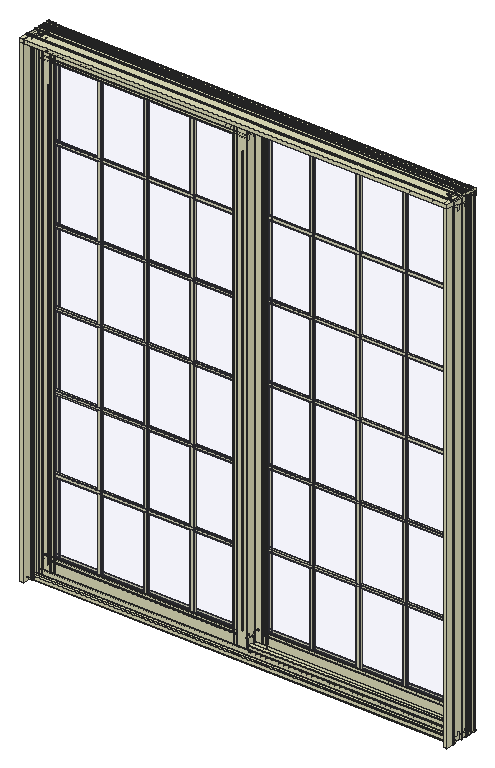
Revit family (continued)
Automatic sketch dimensions
  Sweep 25 sketch curve to Sweep 25 sketch curve = 0' - 0.0188"
  plane 52 "Glazing Exterior - Exterior2" to Sweep 25 sketch curve = 0' - 0.00845"
  Sweep 25 sketch curve to Sweep 25 sketch curve = 0' - 0.0504"
  plane 52 "Glazing Exterior - Exterior2" to Sweep 25 sketch curve = 0' - 0.01374"
  Sweep 25 sketch curve to Sweep 25 sketch curve = 0' - 0.0291"
  Sweep 25 sketch curve to Sweep 25 sketch curve = 0' - 0"
  plane 52 "Glazing Exterior - Exterior2" to Sweep 25 sketch curve = 0' - 0.00542"
  Sweep 25 sketch curve to Sweep 25 sketch curve = 0' - 0.02838"
  Sweep 25 sketch curve to plane 52 "Glazing Exterior - Exterior2" = 0' - 0.05512"
  Sweep 25 sketch curve to Sweep 25 sketch curve = 0' - 0.11194"
  Sweep 25 sketch curve to Sweep 25 sketch curve = 0' - 0.00625"
  Sweep 25 sketch curve to plane 52 "Glazing Exterior - Exterior2" = 0' - 0.06005"
  Sweep 25 sketch curve to Sweep 25 sketch curve = 0' - 0.01066"
  Sweep 25 sketch curve to Sweep 25 sketch curve = 0' - 0.02285"
  Sweep 26 sketch curve to plane 39 = 0' - 0"
  Sweep 26 sketch curve to plane 40 = 0' - 0"
  plane 19 "Glazing Exterior - Exterior" to Sweep 26 sketch curve = 0' - 0.62506"  (x2)
  plane 19 "Glazing Exterior - Exterior" to Sweep 26 sketch curve = 0' - 0.59267"  (x6)
  Sweep 26 sketch curve to plane 149 = 0' - 0.15945"  (x2)
  Sweep 26 sketch curve to Sweep 26 sketch curve = 0' - 0.0187"  (x12)
  plane 148 to Sweep 26 sketch curve = 0' - 0.17815"  (x2)
  Sweep 26 sketch curve to plane 147 = 0' - 0.15945"  (x2)
  plane 146 to Sweep 26 sketch curve = 0' - 0.17815"  (x2)
  Sweep 26 sketch curve to plane 144 = 0' - 0.15945"  (x2)
  plane 145 to Sweep 26 sketch curve = 0' - 0.17815"  (x2)
  plane 19 "Glazing Exterior - Exterior" to Sweep 26 sketch curve = 0' - 0.57585"  (x6)
  Sweep 26 sketch curve to Sweep 26 sketch curve = 0' - 0.1378"  (x6)
  Sweep 26 sketch curve to Sweep 26 sketch curve = 0' - 0.01682"  (x6)
  Sweep 26 sketch curve to Sweep 26 sketch curve = 0' - 0.03239"  (x4)
  Sweep 27 sketch curve to plane 40 = 0' - 0"
  Sweep 27 sketch curve to plane 39 = 0' - 0"
  Sweep 27 sketch curve to plane 52 "Glazing Exterior - Exterior2" = 0' - 0.62506"  (x2)
  Sweep 27 sketch curve to plane 52 "Glazing Exterior - Exterior2" = 0' - 0.59267"  (x6)
  plane 151 to Sweep 27 sketch curve = 0' - 0.15945"  (x2)
  Sweep 27 sketch curve to Sweep 27 sketch curve = 0' - 0.0187"  (x12)
  Sweep 27 sketch curve to plane 150 = 0' - 0.17815"  (x2)
  Sweep 27 sketch curve to plane 155 = 0' - 0.15945"  (x2)
  plane 154 to Sweep 27 sketch curve = 0' - 0.17815"  (x2)
  plane 152 to Sweep 27 sketch curve = 0' - 0.15945"  (x2)
  Sweep 27 sketch curve to plane 153 = 0' - 0.17815"  (x2)
  Sweep 27 sketch curve to plane 52 "Glazing Exterior - Exterior2" = 0' - 0.57585"  (x6)
  Sweep 27 sketch curve to Sweep 27 sketch curve = 0' - 0.1378"  (x6)
  Sweep 27 sketch curve to Sweep 27 sketch curve = 0' - 0.01682"  (x6)
  Sweep 27 sketch curve to Sweep 27 sketch curve = 0' - 0.03239"  (x4)
  Sweep 28 sketch curve to plane 39 = 0' - 0"
  Sweep 28 sketch curve to plane 40 = 0' - 0"
  plane 19 "Glazing Exterior - Exterior" to Sweep 28 sketch curve = 0' - 0.59267"  (x4)
  Sweep 28 sketch curve to plane 69 = 0' - 0.15945"  (x2)
  Sweep 28 sketch curve to Sweep 28 sketch curve = 0' - 0.0187"  (x8)
  plane 70 to Sweep 28 sketch curve = 0' - 0.17815"  (x2)
  Sweep 28 sketch curve to plane 71 = 0' - 0.15945"  (x2)
  plane 72 to Sweep 28 sketch curve = 0' - 0.17815"  (x2)
  plane 19 "Glazing Exterior - Exterior" to Sweep 28 sketch curve = 0' - 0.57585"  (x4)
  Sweep 28 sketch curve to Sweep 28 sketch curve = 0' - 0.1378"  (x4)
  Sweep 28 sketch curve to Sweep 28 sketch curve = 0' - 0.01682"  (x4)
  Sweep 28 sketch curve to Sweep 28 sketch curve = 0' - 0.03239"  (x4)
  Sweep 29 sketch curve to plane 40 = 0' - 0"
  Sweep 29 sketch curve to plane 39 = 0' - 0"
  Sweep 29 sketch curve to plane 73 = 0' - 0.15945"  (x2)
  Sweep 29 sketch curve to Sweep 29 sketch curve = 0' - 0.03239"  (x6)
  plane 74 to Sweep 29 sketch curve = 0' - 0.15945"  (x2)
  plane 76 to Sweep 29 sketch curve = 0' - 0.15945"  (x2)
  Sweep 29 sketch curve to plane 75 = 0' - 0.15945"  (x2)
  Sweep 29 sketch curve to Sweep 29 sketch curve = 0' - 0.01682"  (x8)
  Sweep 29 sketch curve to Sweep 29 sketch curve = 0' - 0.1378"  (x4)
  Sweep 29 sketch curve to Sweep 29 sketch curve = 0' - 0.0187"  (x8)
  Sweep 30 sketch curve to plane 44 = 0' - 0"
  Sweep 30 sketch curve to plane 78 = 0' - 0"
  Sweep 30 sketch curve to plane 42 = 0' - 0"
  plane 19 "Glazing Exterior - Exterior" to Sweep 30 sketch curve = 0' - 0.62506"  (x2)
  plane 19 "Glazing Exterior - Exterior" to Sweep 30 sketch curve = 0' - 0.59267"  (x10)
  plane 85 to Sweep 30 sketch curve = 0' - 0.15945"  (x2)
  Sweep 30 sketch curve to Sweep 30 sketch curve = 0' - 0.0187"  (x20)
  Sweep 30 sketch curve to plane 84 = 0' - 0.17815"  (x2)
  plane 166 to Sweep 30 sketch curve = 0' - 0.15945"  (x2)
  Sweep 30 sketch curve to plane 167 = 0' - 0.17815"  (x2)
  plane 83 to Sweep 30 sketch curve = 0' - 0.15945"  (x2)
  Sweep 30 sketch curve to plane 82 = 0' - 0.17815"  (x2)
  plane 164 to Sweep 30 sketch curve = 0' - 0.15945"  (x2)
  Sweep 30 sketch curve to plane 165 = 0' - 0.17815"  (x2)
  plane 80 to Sweep 30 sketch curve = 0' - 0.15945"  (x2)
  Sweep 30 sketch curve to plane 81 = 0' - 0.17815"  (x2)
  plane 19 "Glazing Exterior - Exterior" to Sweep 30 sketch curve = 0' - 0.57585"  (x10)
  Sweep 30 sketch curve to Sweep 30 sketch curve = 0' - 0.1378"  (x10)
  Sweep 30 sketch curve to Sweep 30 sketch curve = 0' - 0.01682"  (x10)
  Sweep 30 sketch curve to Sweep 30 sketch curve = 0' - 0.03239"  (x8)
  Sweep 31 sketch curve to plane 43 = 0' - 0"
  Sweep 31 sketch curve to plane 41 = 0' - 0"
  Sweep 31 sketch curve to plane 78 = 0' - 0"
  Sweep 32 sketch curve to plane 44 = 0' - 0"
  Sweep 32 sketch curve to plane 78 = 0' - 0"
  Sweep 32 sketch curve to plane 42 = 0' - 0"
  plane 19 "Glazing Exterior - Exterior" to Sweep 32 sketch curve = 0' - 0.62506"  (x2)
  plane 102 to Sweep 32 sketch curve = 0' - 0.15945"  (x2)
  plane 19 "Glazing Exterior - Exterior" to Sweep 32 sketch curve = 0' - 0.59267"  (x12)
  Sweep 32 sketch curve to Sweep 32 sketch curve = 0' - 0.0187"  (x24)
  Sweep 32 sketch curve to plane 103 = 0' - 0.17815"  (x2)
  plane 158 to Sweep 32 sketch curve = 0' - 0.15945"  (x2)
  Sweep 32 sketch curve to plane 159 = 0' - 0.17815"  (x2)
  plane 100 to Sweep 32 sketch curve = 0' - 0.15945"  (x2)
  Sweep 32 sketch curve to plane 101 = 0' - 0.17815"  (x2)
  plane 98 to Sweep 32 sketch curve = 0' - 0.15945"  (x2)
  Sweep 32 sketch curve to plane 99 = 0' - 0.17815"  (x2)
  plane 156 to Sweep 32 sketch curve = 0' - 0.15945"  (x2)
  Sweep 32 sketch curve to plane 157 = 0' - 0.17815"  (x2)
  plane 96 to Sweep 32 sketch curve = 0' - 0.15945"  (x2)
  Sweep 32 sketch curve to plane 97 = 0' - 0.17815"  (x2)
  plane 19 "Glazing Exterior - Exterior" to Sweep 32 sketch curve = 0' - 0.57585"  (x12)
  Sweep 32 sketch curve to Sweep 32 sketch curve = 0' - 0.1378"  (x12)
  Sweep 32 sketch curve to Sweep 32 sketch curve = 0' - 0.01682"  (x12)
  Sweep 32 sketch curve to Sweep 32 sketch curve = 0' - 0.03239"  (x10)
  Sweep 33 sketch curve to plane 43 = 0' - 0"
  Sweep 33 sketch curve to plane 41 = 0' - 0"
  Sweep 33 sketch curve to plane 78 = 0' - 0"
  Sweep 33 sketch curve to plane 52 "Glazing Exterior - Exterior2" = 0' - 0.62506"  (x2)
  Sweep 33 sketch curve to plane 52 "Glazing Exterior - Exterior2" = 0' - 0.59267"  (x12)
  Sweep 33 sketch curve to plane 105 = 0' - 0.15945"  (x2)
  Sweep 33 sketch curve to Sweep 33 sketch curve = 0' - 0.0187"  (x24)
  plane 104 to Sweep 33 sketch curve = 0' - 0.17815"  (x2)
  Sweep 33 sketch curve to plane 161 = 0' - 0.15945"  (x2)
  plane 160 to Sweep 33 sketch curve = 0' - 0.17815"  (x2)
  Sweep 33 sketch curve to plane 107 = 0' - 0.15945"  (x2)
  plane 106 to Sweep 33 sketch curve = 0' - 0.17815"  (x2)
  Sweep 33 sketch curve to plane 109 = 0' - 0.15945"  (x2)
  plane 108 to Sweep 33 sketch curve = 0' - 0.17815"  (x2)
  Sweep 33 sketch curve to plane 163 = 0' - 0.15945"  (x2)
  plane 162 to Sweep 33 sketch curve = 0' - 0.17815"  (x2)
  Sweep 33 sketch curve to plane 111 = 0' - 0.15945"  (x2)
  plane 110 to Sweep 33 sketch curve = 0' - 0.17815"  (x2)
  Sweep 33 sketch curve to plane 52 "Glazing Exterior - Exterior2" = 0' - 0.57585"  (x12)
  Sweep 33 sketch curve to Sweep 33 sketch curve = 0' - 0.1378"  (x12)
  Sweep 33 sketch curve to Sweep 33 sketch curve = 0' - 0.01682"  (x12)
  Sweep 33 sketch curve to Sweep 33 sketch curve = 0' - 0.03239"  (x10)
  Sweep 34 sketch curve to plane 39 = 0' - 0"
  Sweep 34 sketch curve to plane 40 = 0' - 0"
  plane 19 "Glazing Exterior - Exterior" to Sweep 34 sketch curve = 0' - 0.62506"  (x2)
  plane 113 to Sweep 34 sketch curve = 0' - 0.15945"  (x2)
  plane 19 "Glazing Exterior - Exterior" to Sweep 34 sketch curve = 0' - 0.59267"  (x4)
  Sweep 34 sketch curve to Sweep 34 sketch curve = 0' - 0.0187"  (x8)
  Sweep 34 sketch curve to plane 114 = 0' - 0.17815"  (x2)
  Sweep 34 sketch curve to plane 139 = 0' - 0.15945"  (x2)
  plane 138 to Sweep 34 sketch curve = 0' - 0.17815"  (x2)
  plane 19 "Glazing Exterior - Exterior" to Sweep 34 sketch curve = 0' - 0.57585"  (x4)
  Sweep 34 sketch curve to Sweep 34 sketch curve = 0' - 0.1378"  (x4)
  Sweep 34 sketch curve to Sweep 34 sketch curve = 0' - 0.01682"  (x4)
  Sweep 34 sketch curve to Sweep 34 sketch curve = 0' - 0.03239"  (x2)
  Sweep 35 sketch curve to plane 40 = 0' - 0"
  Sweep 35 sketch curve to plane 39 = 0' - 0"
  Sweep 35 sketch curve to plane 52 "Glazing Exterior - Exterior2" = 0' - 0.62506"  (x2)
  Sweep 35 sketch curve to plane 52 "Glazing Exterior - Exterior2" = 0' - 0.59267"  (x4)
  Sweep 35 sketch curve to plane 52 "Glazing Exterior - Exterior2" = 0' - 0.57585"  (x4)
  Sweep 35 sketch curve to Sweep 35 sketch curve = 0' - 0.1378"  (x4)
  Sweep 35 sketch curve to Sweep 35 sketch curve = 0' - 0.01682"  (x4)
  Sweep 35 sketch curve to Sweep 35 sketch curve = 0' - 0.03239"  (x2)
  plane 135 to Sweep 35 sketch curve = 0' - 0.15945"  (x2)
  Sweep 35 sketch curve to Sweep 35 sketch curve = 0' - 0.0187"  (x8)
  Sweep 35 sketch curve to plane 136 = 0' - 0.17815"  (x2)
  Sweep 35 sketch curve to plane 117 = 0' - 0.15945"  (x2)
  plane 116 to Sweep 35 sketch curve = 0' - 0.17815"  (x2)
  Sweep 36 sketch curve to plane 44 = 0' - 0"
  Sweep 36 sketch curve to plane 78 = 0' - 0"
  Sweep 36 sketch curve to plane 42 = 0' - 0"
  plane 19 "Glazing Exterior - Exterior" to Sweep 36 sketch curve = 0' - 0.62506"  (x2)
  Sweep 36 sketch curve to plane 122 = 0' - 0.15945"  (x2)
  plane 19 "Glazing Exterior - Exterior" to Sweep 36 sketch curve = 0' - 0.59267"  (x4)
  Sweep 36 sketch curve to Sweep 36 sketch curve = 0' - 0.0187"  (x8)
  plane 121 to Sweep 36 sketch curve = 0' - 0.17815"  (x2)
  plane 118 to Sweep 36 sketch curve = 0' - 0.15945"  (x2)
  Sweep 36 sketch curve to plane 119 = 0' - 0.17815"  (x2)
  plane 19 "Glazing Exterior - Exterior" to Sweep 36 sketch curve = 0' - 0.57585"  (x4)
  Sweep 36 sketch curve to Sweep 36 sketch curve = 0' - 0.1378"  (x4)
  Sweep 36 sketch curve to Sweep 36 sketch curve = 0' - 0.01682"  (x4)
  Sweep 36 sketch curve to Sweep 36 sketch curve = 0' - 0.03239"  (x2)
  Sweep 37 sketch curve to plane 43 = 0' - 0"
  Sweep 37 sketch curve to plane 41 = 0' - 0"
  Sweep 37 sketch curve to plane 78 = 0' - 0"
  Sweep 37 sketch curve to plane 52 "Glazing Exterior - Exterior2" = 0' - 0.62506"  (x2)
  Sweep 37 sketch curve to plane 52 "Glazing Exterior - Exterior2" = 0' - 0.59267"  (x4)
  Sweep 37 sketch curve to plane 125 = 0' - 0.15945"  (x2)
  Sweep 37 sketch curve to Sweep 37 sketch curve = 0' - 0.0187"  (x8)
  plane 124 to Sweep 37 sketch curve = 0' - 0.17815"  (x2)
  plane 127 to Sweep 37 sketch curve = 0' - 0.15945"  (x2)
  Sweep 37 sketch curve to plane 128 = 0' - 0.17815"  (x2)
  Sweep 37 sketch curve to plane 52 "Glazing Exterior - Exterior2" = 0' - 0.57585"  (x4)
  Sweep 37 sketch curve to Sweep 37 sketch curve = 0' - 0.1378"  (x4)
  Sweep 37 sketch curve to Sweep 37 sketch curve = 0' - 0.01682"  (x4)
  Sweep 37 sketch curve to Sweep 37 sketch curve = 0' - 0.03239"  (x2)
  Sweep 38 sketch curve to plane 12 "Right Sash" = 0' - 0"
  Sweep 38 sketch curve to Sweep 38 sketch curve = 0' - 0"  (x11)
  profile plane to Sweep 38 sketch curve = 0' - 0.064"
  profile plane to Sweep 38 sketch curve = 0' - 0.00892"
  Sweep 38 sketch curve to profile plane = 0' - 0.03211"
  Sweep 38 sketch curve to profile plane = 0' - 0.03608"  (x2)
  Sweep 38 sketch curve to Sweep 38 sketch curve = 0' - 0.00004"
  plane 10 "Set Back" to Sweep 38 sketch curve = 0' - 0.5791"
  Sweep 38 sketch curve to Sweep 38 sketch curve = 0' - 1.44287"
  Sweep 38 sketch curve to Sweep 38 sketch curve = 0' - 0.045"  (x2)
  Sweep 38 sketch curve to Sweep 38 sketch curve = 0' - 0.02759"
  Sweep 38 sketch curve to Sweep 38 sketch curve = 0' - 0.0615"
  Sweep 38 sketch curve to Sweep 38 sketch curve = 0' - 0.00676"
  Sweep 38 sketch curve to Sweep 38 sketch curve = 0' - 0.01"  (x2)
  Sweep 38 sketch curve to Sweep 38 sketch curve = 0' - 0.00592"
  Sweep 38 sketch curve to Sweep 38 sketch curve = 0' - 0.13915"  (x2)
  plane 10 "Set Back" to Sweep 38 sketch curve = 0' - 0.72859"
  Sweep 38 sketch curve to Sweep 38 sketch curve = 0' - 0 1/256"
  Sweep 38 sketch curve to Sweep 38 sketch curve = 0' - 0.13703"
  Sweep 38 sketch curve to Sweep 38 sketch curve = 0' - 0.00838"
  Sweep 38 sketch curve to Sweep 38 sketch curve = 0' - 0.01167"
  Sweep 38 sketch curve to Sweep 38 sketch curve = 0' - 0.03562"
  Sweep 38 sketch curve to Sweep 38 sketch curve = 0' - 0.04108"
  Sweep 38 sketch curve to Sweep 38 sketch curve = 0' - 0.04718"
  Sweep 38 sketch curve to Sweep 38 sketch curve = 0' - 0.03372"
  Sweep 38 sketch curve to Sweep 38 sketch curve = 0' - 0.07"
  Sweep 38 sketch curve to Sweep 38 sketch curve = 0' - 0.10138"
  Sweep 38 sketch curve to Sweep 38 sketch curve = 0' - 0.05214"
  Sweep 38 sketch curve to Sweep 38 sketch curve = 0' - 0.39697"
  Sweep 38 sketch curve to Sweep 38 sketch curve = 0' - 0.01189"
  Sweep 38 sketch curve to Sweep 38 sketch curve = 0' - 0.02"
  Sweep 38 sketch curve to Sweep 38 sketch curve = 0' - 0.01099"
  Sweep 38 sketch curve to Sweep 38 sketch curve = 0' - 0.03346"
  Sweep 38 sketch curve to Sweep 38 sketch curve = 0' - 0.01654"
  Sweep 38 sketch curve to Sweep 38 sketch curve = 0' - 0.20433"
  Sweep 38 sketch curve to Sweep 38 sketch curve = 0' - 0.00006"
  Sweep 38 sketch curve to Sweep 38 sketch curve = 0' - 0.00499"
  Sweep 38 sketch curve to Sweep 38 sketch curve = 0' - 0.03237"
  Sweep 38 sketch curve to Sweep 38 sketch curve = 0' - 0.00572"
  Sweep 38 sketch curve to Sweep 38 sketch curve = 0' - 0.05108"
  Sweep 38 sketch curve to Sweep 38 sketch curve = 0' - 0.79144"
  Sweep 38 sketch curve to Sweep 38 sketch curve = 0' - 0.011"
  Sweep 39 sketch curve to plane 11 "Left Sash" = 0' - 0"
  Sweep 39 sketch curve to plane 56 = 0' - 0"
  Sweep 39 sketch curve to Sweep 39 sketch curve = 0' - 0"  (x11)
  profile plane to Sweep 39 sketch curve = 0' - 0.064"
  profile plane to Sweep 39 sketch curve = 0' - 0.00892"
  Sweep 39 sketch curve to profile plane = 0' - 0.03211"
  Sweep 39 sketch curve to profile plane = 0' - 0.03608"  (x2)
  Sweep 39 sketch curve to Sweep 39 sketch curve = 0' - 0.00004"
  Sweep 39 sketch curve to Sweep 39 sketch curve = 0' - 1.44287"
  Sweep 39 sketch curve to Sweep 39 sketch curve = 0' - 0.045"  (x2)
  Sweep 39 sketch curve to Sweep 39 sketch curve = 0' - 0.02759"
  Sweep 39 sketch curve to Sweep 39 sketch curve = 0' - 0.0615"
  Sweep 39 sketch curve to Sweep 39 sketch curve = 0' - 0.00676"
  Sweep 39 sketch curve to Sweep 39 sketch curve = 0' - 0.01"  (x2)
  Sweep 39 sketch curve to Sweep 39 sketch curve = 0' - 0.00592"
  Sweep 39 sketch curve to Sweep 39 sketch curve = 0' - 0.13915"  (x2)
  Sweep 39 sketch curve to Sweep 39 sketch curve = 0' - 0 1/256"
  Sweep 39 sketch curve to Sweep 39 sketch curve = 0' - 0.13703"
  Sweep 39 sketch curve to Sweep 39 sketch curve = 0' - 0.00838"
  Sweep 39 sketch curve to Sweep 39 sketch curve = 0' - 0.01167"
  Sweep 39 sketch curve to Sweep 39 sketch curve = 0' - 0.03562"
  Sweep 39 sketch curve to Sweep 39 sketch curve = 0' - 0.04108"
  Sweep 39 sketch curve to Sweep 39 sketch curve = 0' - 0.04718"
  Sweep 39 sketch curve to Sweep 39 sketch curve = 0' - 0.03372"
  Sweep 39 sketch curve to Sweep 39 sketch curve = 0' - 0.07"
  Sweep 39 sketch curve to Sweep 39 sketch curve = 0' - 0.10138"
  Sweep 39 sketch curve to Sweep 39 sketch curve = 0' - 0.05214"
  Sweep 39 sketch curve to Sweep 39 sketch curve = 0' - 0.39697"
  Sweep 39 sketch curve to Sweep 39 sketch curve = 0' - 0.01189"
  Sweep 39 sketch curve to Sweep 39 sketch curve = 0' - 0.02"
  Sweep 39 sketch curve to Sweep 39 sketch curve = 0' - 0.01099"
  Sweep 39 sketch curve to Sweep 39 sketch curve = 0' - 0.03346"
  Sweep 39 sketch curve to Sweep 39 sketch curve = 0' - 0.01654"
  plane 10 "Set Back" to Sweep 39 sketch curve = 0' - 2.23493"
  Sweep 39 sketch curve to Sweep 39 sketch curve = 0' - 0.00006"
  Sweep 39 sketch curve to Sweep 39 sketch curve = 0' - 0.0449"
  Sweep 39 sketch curve to Sweep 39 sketch curve = 0' - 0.00499"
  Sweep 39 sketch curve to Sweep 39 sketch curve = 0' - 0.03237"
  Sweep 39 sketch curve to Sweep 39 sketch curve = 0' - 0.00572"
  Sweep 39 sketch curve to Sweep 39 sketch curve = 0' - 0.1262"
  Sweep 39 sketch curve to Sweep 39 sketch curve = 0' - 0.01865"
  Sweep 39 sketch curve to Sweep 39 sketch curve = 0' - 0.79144"
  Sweep 39 sketch curve to Sweep 39 sketch curve = 0' - 0.011"
  Sweep 40 sketch curve to plane 16 "Sill (Interior)" = 0' - 0"
  Sweep 40 sketch curve to plane 15 "Head (Interior)" = 0' - 0"
  Sweep 40 sketch curve to Sweep 40 sketch curve = 0' - 0"  (x3)
  plane 10 "Set Back" to Sweep 40 sketch curve = 0' - 0.64237"
  Sweep 40 sketch curve to Sweep 40 sketch curve = 0' - 0.00157"
  Sweep 40 sketch curve to Sweep 40 sketch curve = 0' - 1.08255"
  Sweep 40 sketch curve to Sweep 40 sketch curve = 0' - 0.02"  (x2)
  Sweep 40 sketch curve to Sweep 40 sketch curve = 0' - 0.03"  (x3)
  Sweep 40 sketch curve to Sweep 40 sketch curve = 0' - 0.191"
  Sweep 40 sketch curve to Sweep 40 sketch curve = 0' - 0.276"
  profile plane to Sweep 40 sketch curve = 0' - 1.99839"
  Sweep 40 sketch curve to Sweep 40 sketch curve = 0' - 0.00004"
  Sweep 40 sketch curve to Sweep 40 sketch curve = 0' - 0.27"
  Sweep 40 sketch curve to Sweep 40 sketch curve = 0' - 0.168"
  Sweep 31 sketch curve to plane 52 "Glazing Exterior - Exterior2" = 0' - 0.59267"  (x6)
  Sweep 31 sketch curve to plane 87 = 0' - 0.15945"  (x2)
  Sweep 31 sketch curve to Sweep 31 sketch curve = 0' - 0.0187"  (x20)
  plane 86 to Sweep 31 sketch curve = 0' - 0.17815"  (x2)
  Sweep 31 sketch curve to plane 169 = 0' - 0.15945"  (x2)
  plane 168 to Sweep 31 sketch curve = 0' - 0.17815"  (x2)
  Sweep 31 sketch curve to plane 89 = 0' - 0.15945"  (x2)
  plane 88 to Sweep 31 sketch curve = 0' - 0.17815"  (x2)
  Sweep 31 sketch curve to plane 171 = 0' - 0.15945"  (x2)
  plane 170 to Sweep 31 sketch curve = 0' - 0.17815"  (x2)
  Sweep 31 sketch curve to plane 91 = 0' - 0.15945"  (x2)
  plane 90 to Sweep 31 sketch curve = 0' - 0.17815"  (x2)
  Sweep 31 sketch curve to plane 52 "Glazing Exterior - Exterior2" = 0' - 0.57585"  (x6)
  Sweep 31 sketch curve to Sweep 31 sketch curve = 0' - 0.1378"  (x10)
  Sweep 31 sketch curve to Sweep 31 sketch curve = 0' - 0.01682"  (x14)
  Sweep 31 sketch curve to Sweep 31 sketch curve = 0' - 0.03239"  (x12)
  Sweep 31 sketch curve to plane 52 "Glazing Exterior - Exterior2" = 0' - 0.62506"  (x2)
  Sweep 41 sketch curve to plane 56 = 0' - 0"
  Sweep 41 sketch curve to plane 12 "Right Sash" = 0' - 0"
  profile plane to Sweep 41 sketch curve = 0' - 0 13/16"
  Sweep 41 sketch curve to Sweep 41 sketch curve = 0' - 0.1035"  (x2)
  Sweep 41 sketch curve to Sweep 41 sketch curve = 0' - 0.2285"
  Sweep 41 sketch curve to Sweep 41 sketch curve = 0' - 0.10003"
  Sweep 41 sketch curve to Sweep 41 sketch curve = 0' - 0.04864"
  Sweep 41 sketch curve to Sweep 41 sketch curve = 0' - 0.00733"
  Sweep 41 sketch curve to Sweep 41 sketch curve = 0' - 0.1"
  Sweep 41 sketch curve to Sweep 41 sketch curve = 0' - 0.11548"
  Sweep 41 sketch curve to Sweep 41 sketch curve = 0' - 0.09702"
  Sweep 41 sketch curve to Sweep 41 sketch curve = 0' - 0.565"
  Sweep 41 sketch curve to Sweep 41 sketch curve = 0' - 0.046"  (x2)
  Sweep 41 sketch curve to Sweep 41 sketch curve = 0' - 0.312"
  Sweep 41 sketch curve to Sweep 41 sketch curve = 0' - 0.13404"
  Sweep 41 sketch curve to Sweep 41 sketch curve = 0' - 0.14009"
  Sweep 41 sketch curve to Sweep 41 sketch curve = 0' - 0.0038"
  Sweep 41 sketch curve to Sweep 41 sketch curve = 0' - 0.06196"
  Sweep 41 sketch curve to Sweep 41 sketch curve = 0' - 0.008"
  Sweep 41 sketch curve to Sweep 41 sketch curve = 0' - 0.06391"
  Sweep 41 sketch curve to Sweep 41 sketch curve = 0' - 0.10424"
  Sweep 41 sketch curve to Sweep 41 sketch curve = 0' - 0.07"
  Sweep 41 sketch curve to Sweep 41 sketch curve = 0' - 0.062"  (x3)
  plane 10 "Set Back" to Sweep 41 sketch curve = 0' - 1 105/128"
  Sweep 41 sketch curve to Sweep 41 sketch curve = 0' - 0.07011"
  Sweep 41 sketch curve to Sweep 41 sketch curve = 0' - 0.09369"
  Sweep 41 sketch curve to Sweep 41 sketch curve = 0' - 0.04697"
  Sweep 41 sketch curve to Sweep 41 sketch curve = 0' - 0.06173"
  Sweep 41 sketch curve to Sweep 41 sketch curve = 0' - 0.03902"
  Sweep 41 sketch curve to Sweep 41 sketch curve = 0' - 0.07089"
  Sweep 41 sketch curve to Sweep 41 sketch curve = 0' - 0.00502"
  Sweep 41 sketch curve to Sweep 41 sketch curve = 0' - 0.23331"
  Sweep 41 sketch curve to Sweep 41 sketch curve = 0' - 0.13614"
  Sweep 41 sketch curve to Sweep 41 sketch curve = 0' - 0.00468"
  Sweep 41 sketch curve to Sweep 41 sketch curve = 0' - 0.06416"
  Sweep 41 sketch curve to Sweep 41 sketch curve = 0' - 0.82142"
  Sweep 41 sketch curve to Sweep 41 sketch curve = 0' - 0.41775"
  Sweep 41 sketch curve to Sweep 41 sketch curve = 0' - 0 1/4"
  curve 2 to plane 78 = 0' - 0"
  curve 2 to plane 172 = 0' - 0"
  curve 3 to plane 173 = 0' - 0"
  curve 1 to plane 174 = 0' - 0"
  curve 3 to plane 175 = 0' - 0"
  plane 50 "Glazing Interior - Exterior2" to Sweep 29 sketch curve = 0' - 0.27073"  (x2)
